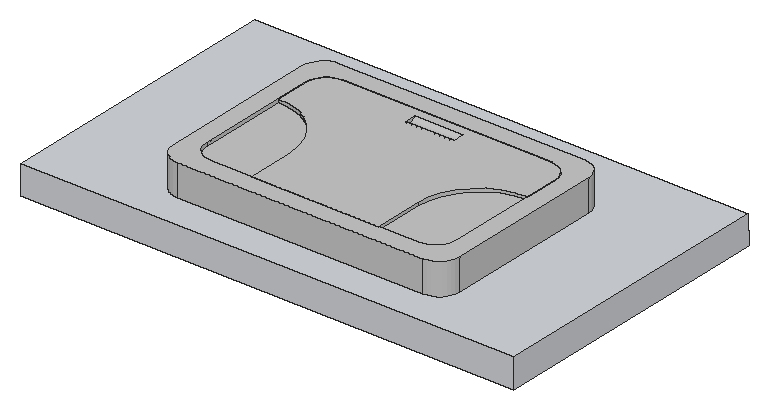
Revit family
Parameters (values of type "as Specified")
  rotationoffset [instance] = if(Closed, 0' 3 7/8", 0' 1 25/32")  # 0' - 3 7/8"
  Warranty Duration (Years) = 0
  Unit Width = 0' - 7 1/8"
  Unit Height = 0' - 7 31/32"
  Unit Depth = 0' - 2 5/8"
  URL = "http://www.americanspecialties.com/viewCategories.cfm"
  Open [instance] = not(Closed)  # no
  Mounting Height [instance] = 2' - 6 1/4"
  Fixture Material [instance] = Plastic - Light Grey
  Test Data = ""
  Specification = "http://www.arcat.com/sdspecs/htm/10810asi.htm"
  SpecWizard = ""
  Send Message = "http://www.arcat.com/users.pl?action=UserEmail&company=American%20Specialties,%20Inc.&coid=30448&rep=139&fax=914-476-0688&mf="
  Sales Information = "http://www.americanspecialties.com/contact"
  Revision = "R1_2014-10"
  Product Properties = "http://www.americanspecialties.com/datasheets/9014.pdf"
  Product Data = "http://www.arcat.com/arcatcos/cos30/arc30448.html"
  Model = "9014"
  Manufacturer Website = "http://www.americanspecialties.com/viewCategories.cfm"
  Manufacturer Phone - Toll Free = ""
  Manufacturer Phone = "914-476-9000 "
  Manufacturer Fax = "914-476-0688"
  Manufacturer Address = "441 Saw Mill River Rd., Yonkers, NY 10701"
  Manufacturer = "American Specialties, Inc."
  Maintenance Schedule (Months) = 0
  Keynote = "10 28 13"
  Installation-Fabrication = "http://www.americanspecialties.com/products.cfm"
  Green Building-LEED = ""
  Expected Lifespan (Years) = 0
  Drawn By = "Sumex Design, Inc. / Robert S. Weygant. CSI, CDT, SCIP"
  Door Angle [instance] = if(Closed, 0.00°, 89.00°)  # 0.00°
  Description = "ASI Horizontal Baby Changing Station - Surface Mounted 9014"
  Default Elevation = 0' - 0"
  Copyright = "©Arcat Inc."
  Construction Details = "http://www.arcat.com/green/clients/leed_data_30448.html"
  Closed [instance] = yes
  Capacity = "300 lbs  ;  X Wipes/Liners/Towels"
  Building Codes = "http://www.americanspecialties.com/products.cfm"
  Assembly Code = "C1030210"
  Accent Finish [instance] = Plastic - Black
Reference planes (in)
  plane 1 "Top": y = -7.81404
  plane 2 "Floor Line": z = 0
  plane 3 "Center (Left/Right)": x = 6.02907
  plane 4: x = -11.54906
  plane 5: x = 23.60719
  plane 6 "FF": y = -56.93904
  plane 7: y = -32.56404
  plane 8: z = 3.875
  plane 9: z = 22
  plane 10 "ADA CL": y = -26.68904
  plane 11: y = -30.31404
  plane 12: z = 3.875
Forms (in)
  Extrusion 1, solid
    sketch origin (-2.65843, -11.79112, -6) x (0, 0, -1) y (1, 0, 0)
      loop
        line (-2.42514, 38.27922) -> (-6, 38.27922) -> (-6, -22.3125) -> (-2.42514, -22.3125) -> (-2.42514, 38.27922)
    from 25.02292 to -10.9868
  Extrusion 2, solid, material "Plastic - Light Grey" <- "Fixture Material"
    sketch origin (0, 0, 0) x (1, 0, 0) y (0, 1, 0)
      loop
        arc (-9.04906, -7.81404) -> (-10.81683, -8.54627) -> (-11.54906, -10.31404) r 2.5
        line (-11.54906, -10.31404) -> (-11.54906, -30.06404)
        arc (-11.54906, -30.06404) -> (-10.81683, -31.8318) -> (-9.04906, -32.56404) r 2.5
        line (-9.04906, -32.56404) -> (21.10719, -32.56404)
        arc (21.10719, -32.56404) -> (22.87496, -31.8318) -> (23.60719, -30.06404) r 2.5
        line (23.60719, -30.06404) -> (23.60719, -10.31404)
        arc (23.60719, -10.31404) -> (22.87496, -8.54627) -> (21.10719, -7.81404) r 2.5
        line (21.10719, -7.81404) -> (-9.04906, -7.81404)
      loop
        arc (-9.29906, -27.81404) -> (-8.56683, -29.5818) -> (-6.79906, -30.31404) r 2.5
        line (-6.79906, -30.31404) -> (18.85719, -30.31404)
        arc (18.85719, -30.31404) -> (20.62496, -29.5818) -> (21.35719, -27.81404) r 2.5
        line (21.35719, -27.81404) -> (21.35719, -12.56404)
        arc (21.35719, -12.56404) -> (20.62496, -10.79627) -> (18.85719, -10.06404) r 2.5
        line (18.85719, -10.06404) -> (-6.79906, -10.06404)
        arc (-6.79906, -10.06404) -> (-8.56683, -10.79627) -> (-9.29906, -12.56404) r 2.5
        line (-9.29906, -12.56404) -> (-9.29906, -27.81404)
    from 0 to 3.875
  Extrusion 3, solid, material "Plastic - Light Grey" <- "Fixture Material"
    sketch origin (8.27907, -30.31404, 3.875) x (-1, 0, 0) y (0, -1, 0)
      loop
        arc (17.57813, -2.5) -> (16.84589, -0.73223) -> (15.07813, 0) r 2.5
        line (15.07813, 0) -> (-10.57812, 0)
        arc (-10.57812, 0) -> (-12.34589, -0.73223) -> (-13.07812, -2.5) r 2.5
        line (-13.07812, -2.5) -> (-13.07812, -17.75)
        arc (-13.07812, -17.75) -> (-12.34589, -19.51777) -> (-10.57812, -20.25) r 2.5
        line (-10.57812, -20.25) -> (15.07813, -20.25)
        arc (15.07813, -20.25) -> (16.84589, -19.51777) -> (17.57813, -17.75) r 2.5
        line (17.57813, -17.75) -> (17.57813, -2.5)
    from 0 to -3.25
  Blend 4, void
    base sketch origin (8.27907, -30.31404, 0.625) x (-1, 0, 0) y (0, -1, 0)
      loop
        line (16.57813, -15.75) -> (16.57813, -3) -> (-12.07812, -3) -> (-12.07812, -15.75)
        arc (-12.07812, -15.75) -> (-11.34589, -17.51777) -> (-9.57812, -18.25) r 2.5
        line (-9.57812, -18.25) -> (14.07813, -18.25)
        arc (14.07813, -18.25) -> (15.84589, -17.51777) -> (16.57813, -15.75) r 2.5
    top sketch origin (8.27907, -30.31404, 0.625) x (-1, 0, 0) y (0, -1, 0)
      loop
        line (13.57813, -15.25) -> (13.57813, -4) -> (-9.07812, -4) -> (-9.07812, -15.25) -> (13.57813, -15.25)
    from 0 to 1.5
  Extrusion 5, solid, material "Plastic - Light Grey" <- "Fixture Material"
    sketch origin (6.02907, 0, 0) x (0, 1, 0) y (0, 0, 1)
      loop
        arc (-26.27186, 0.54448) -> (-26.66735, 2.01741) -> (-28.05614, 1.38718) r 1
        line (-28.05614, 1.38718) -> (-30.58851, 1.38718) -> (-30.58851, 0) -> (-9.58851, 0) -> (-9.58851, 0.54448) -> (-26.27186, 0.54448)
    from -16.09709 to 16.2526
  Extrusion 6, void
    sketch origin (6.02907, -30.31404, 3.875) x (0, -1, 0) y (1, 0, 0)
      loop
        line (0, 15.32812) -> (-13.5, 15.32812)
        arc (-13.5, 15.32812) -> (-11.3033, 10.02482) -> (-6, 7.82812) r 7.5
        line (-6, 7.82812) -> (0, 7.82812) -> (0, 15.32812)
    from 0 to -0.375
  Extrusion 7, void
    sketch origin (6.02907, -30.31404, 3.875) x (0, -1, 0) y (1, 0, 0)
      loop
        line (0, -15.32812) -> (0, -7.82812) -> (-6, -7.82812)
        arc (-6, -7.82812) -> (-11.3033, -10.02482) -> (-13.5, -15.32812) r 7.5
        line (-13.5, -15.32812) -> (0, -15.32812)
    from 0 to -0.375
  Extrusion 8, solid, material "Plastic - Light Grey" <- "Fixture Material"
    sketch origin (6.02907, 0, 0) x (0, 1, 0) y (0, 0, 1)
      loop
        line (-30.58851, 0) -> (-17.33851, 0) -> (-17.33851, 2.125) -> (-20.90101, 2.125) -> (-21.24476, 1.78125) -> (-21.58851, 2.125) -> (-30.58851, 2.125) -> (-30.58851, 0)
    from -5 to 5
  Extrusion 9, void
    sketch origin (6.02907, -30.31404, 3.875) x (0, -1, 0) y (0, 0, 1)
      loop
        arc (-19, 0) -> (-18.3125, -0.32544) -> (-17.625, 0) r 0.88891
        line (-17.625, 0) -> (-19, 0)
    from -3 to 3
Cuts and joins
  Blend 4, Extrusion 6, Extrusion 7, Extrusion 9 cuts Extrusion 3
  Extrusion 6 cuts Extrusion 5
  Extrusion 9 cuts Extrusion 2
Lines and regions (in)
  reference lines
    curve 1: line (6.02907, -30.31404, 3.875) -> (6.02907, -23.06404, 3.875)
    curve 2: line (8.27907, -30.31404, 3.875) -> (3.27907, -30.31404, 3.875)
Dimensions and locks (in)
  equal spacing: plane 4, plane 3 "Center (Left/Right)", plane 5
  plane 4 to plane 5 = 2' - 11 5/32"
  locked: plane 8 to level at 3.875
  locked: plane 1 "Top" to plane 7 at 24.75
  "Mounting Height": plane 10 "ADA CL" to plane 6 "FF"
  locked: plane 10 "ADA CL" to plane 7 at 5.875
  locked: Extrusion 2 sketch curve to plane 7 at 2.25
  Extrusion 2 sketch curve to plane 1 "Top" = 0' - 2 1/4"
  locked: plane 9 to plane 8 at 18.125
  locked: plane 7 to plane 11 at 2.25
  "rotationoffset": plane 12 to level
  Extrusion 5 sketch curve to Extrusion 5 sketch curve to Extrusion 5 sketch curve to level = 0' - 0.27399" locked, 0' - 0.5687" locked, 0' - 0.54448" locked
  locked: plane 7 to Extrusion 5 sketch curve at 5.46963
  locked: plane 4 to Extrusion 2 sketch curve at 2.25
  locked: Extrusion 2 sketch curve to plane 5 at 2.25
  locked: Extrusion 8 sketch curve to level at 2.125
  "Door Angle": angle plane 8 to curve 1
  aligned and locked: Extrusion 2 sketch curve to plane 1 "Top"
  aligned and locked: plane 4 to Extrusion 2 sketch curve
  aligned and locked: Extrusion 2 sketch curve to plane 7
  aligned and locked: Extrusion 2 sketch curve to plane 5
  aligned and locked: Extrusion 2 to plane 8
  aligned: plane 12 to curve 2
  aligned and locked: plane 12 to curve 2
  aligned and locked: plane 11 to curve 2
  aligned and locked: plane 12 to curve 1
Automatic sketch dimensions
  Extrusion 1 sketch curve to Extrusion 1 sketch curve = 0' - 3.57486"
  Extrusion 1 sketch curve to Extrusion 1 sketch curve = 5' - 0.59172"
  curve 1 to plane 11 = 0' - 0"
  Extrusion 2 sketch curve to plane 10 "ADA CL" = 0' - 3 3/8"
  plane 4 to Extrusion 2 sketch curve = 0' - 2 1/2"
  Extrusion 2 sketch curve to Extrusion 2 sketch curve = 0' - 2 1/4"  (x3)
  Extrusion 2 sketch curve to plane 5 = 0' - 4 3/4"
  Extrusion 2 sketch curve to plane 5 = 0' - 2 1/2"
  Extrusion 2 sketch curve to plane 10 "ADA CL" = 0' - 1 1/8"
  curve 2 to plane 3 "Center (Left/Right)" = 0' - 2 3/4"
  plane 3 "Center (Left/Right)" to curve 2 = 0' - 2 1/4"
  curve 2 to Extrusion 3 sketch curve = 0' - 0"
  Extrusion 3 sketch curve to curve 2 = 1' - 1 5/64"
  Extrusion 3 sketch curve to Extrusion 3 sketch curve = 0' - 2 1/2"  (x2)
  curve 2 to Extrusion 3 sketch curve = 0' - 10 5/64"  (x2)
  curve 2 to Extrusion 3 sketch curve = 0' - 2 1/2"
  Extrusion 3 sketch curve to curve 2 = 1' - 5 3/4"
  Extrusion 3 to Blend 4 sketch curve = 0' - 1"  (x2)
  Blend 4 sketch curve to Blend 4 sketch curve = 0' - 2 1/2"
  Extrusion 3 to Blend 4 sketch curve = 0' - 2"
  Extrusion 3 to Blend 4 sketch curve = 0' - 3 1/2"
  Extrusion 3 to Blend 4 sketch curve = 0' - 3"
  Extrusion 3 to Blend 4 sketch curve = 0' - 4"  (x3)
  Extrusion 3 to Blend 4 sketch curve = 0' - 5"
  Extrusion 5 sketch curve to level = 0' - 0"
  plane 11 to Extrusion 5 sketch curve = 0' - 0.27447"
  Extrusion 5 sketch curve to Extrusion 5 sketch curve = 0' - 0.96173"
  plane 1 "Top" to Extrusion 5 sketch curve = 0' - 1.77447"
  curve 1 to Extrusion 6 sketch curve = 0' - 0"
  curve 1 to Extrusion 6 sketch curve = 0' - 7 53/64"
  curve 1 to Extrusion 6 sketch curve = 1' - 3 21/64"
  curve 1 to Extrusion 6 sketch curve = 0' - 1 1/4"
  Extrusion 7 sketch curve to curve 1 = 0' - 0"
  Extrusion 7 sketch curve to curve 1 = 1' - 3 21/64"
  Extrusion 7 sketch curve to curve 1 = 0' - 7 53/64"
  curve 1 to Extrusion 7 sketch curve = 0' - 1 1/4"
  Extrusion 8 sketch curve to level = 0' - 0"
  plane 11 to Extrusion 8 sketch curve = 0' - 0.27447"
  Extrusion 8 sketch curve to plane 8 = 0' - 1 3/4"
  plane 10 "ADA CL" to Extrusion 8 sketch curve = 0' - 5.10053"
  Extrusion 8 sketch curve to Extrusion 8 sketch curve = 0' - 0 11/32"  (x2)
  Extrusion 8 sketch curve to Extrusion 8 sketch curve = 0' - 3 9/16"
  curve 1 to Extrusion 9 sketch curve = 0' - 0"
  curve 1 to Extrusion 9 sketch curve = 0' - 10 3/8"
  Extrusion 9 sketch curve to Extrusion 9 sketch curve = 0' - 0 11/16"
  Extrusion 9 sketch curve to curve 1 = 0' - 0.56347"
